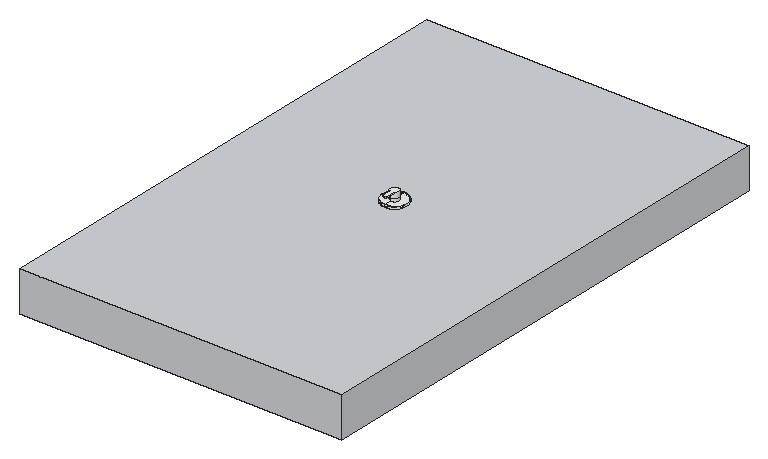
Revit family "Balance_Trim-GROHE-Lineare-29167_Series", category Plumbing Fixtures, host Face, Revit 2014
Parameters (values of type "29167001")
  Width = 7 7/16"  # constant formula
  Waste Connection = no
  Warranty Documentation Link = "https://cdn.cloud.grohe.com/tpi/1000/1900/1940/1949/1949006/original/1949006.pdf"
  WFU = 2  # constant formula
  Vent Connection = no
  URL = "https://www.grohe.com"
  Type Comments = ""
  Tempered Connection Radius = Tempered Connection Diameter / 2  # 1/4"
  Tempered Connection Diameter = Hot Water Connection Diameter  # 1/2"
  Shipping Weight = 0.000 lbf
  Product Page URL = "https://www.grohe.us/en_us/lineare-pressure-balance-valve-trim-29167001.html"
  Price = "Prices may vary. Please consult Manufacturer Representative for most up-to-date price list."  # constant formula
  Model = "29167001"
  Material = "Metal-Grohe-001-Chrome"
  Manufacturer = "Grohe"
  Length = 2 7/8"
  Installation Type = "Wall Mounted"
  Hot Water Connection Radius = Hot Water Connection Diameter / 2  # 1/4"
  Hot Water Connection Diameter = Cold Water Connection Diameter  # 1/2"
  HWFU = 1.5  # constant formula
  HW Connection = yes
  Flow Rate = ""
  Finish = Metal-Grohe-001-Chrome
  Description = "Lineare Pressure Balance Valve Trim"  # constant formula
  Default Elevation = 44"  # constant formula
  Creation Date = "05/29/2018"  # constant formula
  Cold Water Connection Radius = 1/4"  # constant formula
  Cold Water Connection Diameter = Cold Water Connection Radius * 2  # 1/2"
  CWFU = 1.5  # constant formula
  CW Connection = yes
  Assembly Code = "D2010710"
Types (2): name | Product Page URL | Model | Material | Finish
  29167001 | "https://www.grohe.us/en_us/lineare-pressure-balance-valve-trim-29167001.html" | "29167001" | "Metal-Grohe-001-Chrome" | Metal-Grohe-001-Chrome
  29167EN1 | "https://www.grohe.us/en_us/lineare-pressure-balance-valve-trim-29167EN1.html" | "29167EN1" | "Metal-Grohe-EN1-Brushed Nickel" | Metal-Grohe-EN1-Brushed Nickel
Reference planes (in)
  plane 1 "Center (Front/Back)": y = 0
  plane 2: z = 0
  plane 3 "Center (Left/Right)": x = 0
  plane 4: y = -18
  plane 5: y = -39
  plane 6: x = -1.21875
  plane 7: x = 1.21875
  plane 8: x = -3.34375
  plane 9: x = 3.34375
  plane 10: y = 3.34375
  plane 11: y = -3.34375
  plane 12: y = -3.71875
  plane 13: y = 3.71875
  plane 14: z = 2.875
  plane 15: z = 0.5625
  plane 16: y = 34
Forms (in)
  Extrusion 1, solid
    sketch origin (0, 0, 0) x (1, 0, 0) y (0, 1, 0)
      loop
        line (-48, 72) -> (-48, -79.70833) -> (48, -79.70833) -> (48, 72) -> (-48, 72)
    from 0 to -12
  Revolve 2, solid, material "Metal-Grohe-001-Chrome" <- "Finish"
    sketch origin (0, 0, 0) x (0, 1, 0) y (0, 0, 1)
      loop
        line (3.71875, 0) -> (3.71875, 0.4379)
        arc (3.71875, 0.4379) -> (3.70157, 0.48044) -> (3.65967, 0.49912) r 0.06125
        arc (3.65967, 0.49912) -> (2.45303, 0.53641) -> (1.24609, 0.5625) r 130.00446
        line (1.24609, 0.5625) -> (1.24609, 1.46157) -> (1.19327, 1.46157) -> (1.19327, 1.49456) -> (1.24609, 1.49456) -> (1.24609, 2.875) -> (0, 2.875) -> (0, 0) -> (3.71875, 0)
      axis (0, 2.875) -> (0, 0)
    angle from 0 to 360
  Extrusion 3, solid, material "Metal-Grohe-001-Chrome" <- "Finish"
    sketch origin (0, 0, 0) x (1, 0, 0) y (0, 1, 0)
      loop
        circle (-0.61402, 0) r 0.25
      loop
        circle (0.61402, 0) r 0.25
    from 0 to 0.0625
  Extrusion 4, solid, material "Metal-Grohe-001-Chrome" <- "Finish"
    sketch origin (0, 0, 0) x (1, 0, 0) y (0, 0, 1)
      loop
        line (-0.62305, 2.875) -> (-0.62305, 2.75164)
        arc (-0.62305, 2.75164) -> (0, 2.61899) -> (0.62305, 2.75164) r 1.52959
        line (0.62305, 2.75164) -> (0.62305, 2.875) -> (-0.62305, 2.875)
    from 0 to 3.71875
Cuts and joins
  joined: Revolve 2, Extrusion 3, Extrusion 4
Lines and regions (in)
  Masking region 1
    outline origin (0, 0, 0) x (1, 0, 0) y (0, 0, 1)
      loop
        line (-3.72001, 0) -> (3.72001, 0) -> (3.72001, 0.44111)
        arc (3.72001, 0.44111) -> (3.70279, 0.48382) -> (3.66077, 0.50266) r 0.0616
        arc (3.66077, 0.50266) -> (2.45364, 0.54042) -> (1.24609, 0.56107) r 85.24867
        line (1.24609, 0.56107) -> (1.24609, 1.46157) -> (1.19327, 1.46157) -> (1.19327, 1.49456) -> (1.24609, 1.49456) -> (1.24609, 2.875) -> (-1.24609, 2.875) -> (-1.24609, 1.49456) -> (-1.19327, 1.49456) -> (-1.19327, 1.46157) -> (-1.24609, 1.46157) -> (-1.24609, 0.56107)
        arc (-1.24609, 0.56107) -> (-2.4532, 0.54043) -> (-3.6599, 0.5027) r 85.24867
        arc (-3.6599, 0.5027) -> (-3.70254, 0.48358) -> (-3.72001, 0.44024) r 0.0625
        line (-3.72001, 0.44024) -> (-3.72001, 0)
  symbolic lines, detail levels fine
    curve 1: line (1.24609, 0, 0.56107) -> (-1.24609, 0, 0.56107)
    curve 2: line (-1.19327, 0, 1.46157) -> (1.19327, 0, 1.46157)
    curve 3: line (-1.19327, 0, 1.49456) -> (1.19327, 0, 1.49456)
Dimensions and locks (in)
  plane 1 "Center (Front/Back)" to plane 4 = 18"
  plane 4 to plane 5 = 21"
  equal spacing: plane 13, plane 1 "Center (Front/Back)", plane 12
  "Width": plane 13 to plane 12
  plane 15 to level = 9/16"
  "Length": plane 14 to level
  locked: Revolve 2 sketch curve to Revolve 2 sketch curve at 0.03299
  locked: plane 15 to Revolve 2 sketch curve at 0.89907
  "Hot Water Connection Diameter": diameter of Extrusion 3 sketch curve
  "Cold Water Connection Diameter": diameter of Extrusion 3 sketch curve
  radius of Extrusion 4 sketch curve = 1.52959"
  aligned and locked: plane 2 to Extrusion 1
  aligned and locked: level to Extrusion 1
  aligned and locked: Revolve 2 sketch curve to plane 13
  aligned and locked: Revolve 2 sketch curve to plane 14
  aligned and locked: Revolve 2 sketch curve to plane 1 "Center (Front/Back)"
  aligned and locked: plane 15 to Revolve 2 sketch curve
  aligned and locked: Extrusion 4 sketch curve to plane 14
  aligned and locked: Extrusion 4 to plane 1 "Center (Front/Back)"
  aligned and locked: plane 12 to Extrusion 4
  aligned and locked: Masking region 1 to cut or joined group of Revolve 2, Extrusion 3, Extrusion 4  (x4)
  aligned and locked: Masking region 1 to curve 3
  aligned and locked: curve 2 to Masking region 1
  aligned and locked: curve 3 to cut or joined group of Revolve 2, Extrusion 3, Extrusion 4
  aligned and locked: curve 2 to cut or joined group of Revolve 2, Extrusion 3, Extrusion 4
  aligned and locked: curve 3 to Masking region 1
  aligned and locked: Masking region 1 to curve 2
  aligned and locked: cut or joined group of Revolve 2, Extrusion 3, Extrusion 4 to Masking region 1
Automatic sketch dimensions
  Extrusion 1 sketch curve to Extrusion 1 sketch curve = 96"
  Extrusion 1 sketch curve to Extrusion 1 sketch curve = 151.70833"
  Extrusion 4 sketch curve to plane 3 "Center (Left/Right)" = 0"
  Extrusion 4 sketch curve to plane 14 = 0.12336"  (x2)
  plane 6 to Extrusion 4 sketch curve = 0.5957"
  Masking region 1 sketch curve to level = 0"
  Masking region 1 sketch curve to plane 3 "Center (Left/Right)" = 0.39227"
  plane 6 to Masking region 1 sketch curve = 0.02548"
  Masking region 1 sketch curve to plane 6 = 7/256"  (x2)
  Masking region 1 sketch curve to plane 8 = 0.31376"
  Masking region 1 sketch curve to plane 8 = 0.37626"
  plane 3 "Center (Left/Right)" to Masking region 1 sketch curve = 0.39227"
  plane 7 to Masking region 1 sketch curve = 0.02548"
  Masking region 1 sketch curve to plane 7 = 7/256"  (x2)
  Masking region 1 sketch curve to plane 15 = 0.00143"  (x2)
  Masking region 1 sketch curve to plane 15 = 0.12139"
  Masking region 1 sketch curve to plane 9 = 0.31466"
  Masking region 1 sketch curve to Masking region 1 sketch curve = 0.0616"
  Masking region 1 sketch curve to level = 84.68333"
  Masking region 1 sketch curve to Masking region 1 sketch curve = 0"
  Masking region 1 sketch curve to plane 15 = 0.12226"
  plane 15 to Masking region 1 sketch curve = 0.89907"  (x2)
  Masking region 1 sketch curve to Masking region 1 sketch curve = 0.03299"  (x2)
  Revolve 2 sketch curve to plane 1 "Center (Front/Back)" = 0"
  Revolve 2 sketch curve to level = 0"
  plane 1 "Center (Front/Back)" to Revolve 2 sketch curve = 0.95993"
  Revolve 2 sketch curve to plane 1 "Center (Front/Back)" = 1.19327"
  Revolve 2 sketch curve to Revolve 2 sketch curve = 0.05283"
  Revolve 2 sketch curve to plane 1 "Center (Front/Back)" = 1 63/256"
  Revolve 2 sketch curve to Revolve 2 sketch curve = 0.06125"
  Revolve 2 sketch curve to level = 129.42324"
  Revolve 2 sketch curve to plane 15 = 0.1246"
  Revolve 2 sketch curve to Revolve 2 sketch curve = 3.12085"
  Revolve 2 sketch curve to Revolve 2 sketch curve = 0.35576"
  plane 1 "Center (Front/Back)" to Extrusion 3 sketch curve = 0"  (x2)
  plane 6 to Extrusion 3 sketch curve = 0.60473"
  plane 7 to Extrusion 3 sketch curve = 0.60473"
  Masking region 1 sketch curve to plane 14 = 0"
  curve 1 to plane 15 = 0.00143"
  curve 1 to plane 6 = 7/256"
  curve 1 to plane 7 = 7/256"
Connectors (in)
  piping at (-0.61402, 0, 0), diameter 0.5, driven by "Hot Water Connection Diameter"
    settings: on Extrusion 3, index 1, connector inside diameter 24", connector length 0", flow factor 0, pipe flow 0 GPM, pressure drop 0.00 psi, fitting loss kfactor 0, connector angle 0.00°, fixture units 0, engagement length 0", angle of deflection 0.00°, flow configuration 0, flow direction 1, fitting loss method 0, system type 19, joint type 0, gender type 0, connector reference index -1, connector utility 0, adjustable connector no, is connector primary yes, connector description "1/2\" NPT HW Inlet"
  piping at (0.61402, 0, 0), diameter 0.5, driven by "Cold Water Connection Diameter"
    settings: on Extrusion 3, index 2, connector inside diameter 24", connector length 0", flow factor 0, pipe flow 0 GPM, pressure drop 0.00 psi, fitting loss kfactor 0, connector angle 0.00°, fixture units 0, engagement length 0", angle of deflection 0.00°, flow configuration 0, flow direction 1, fitting loss method 0, system type 20, joint type 0, gender type 0, connector reference index -1, connector utility 0, adjustable connector no, is connector primary no, connector description "1/2\" NPT CW Inlet"
